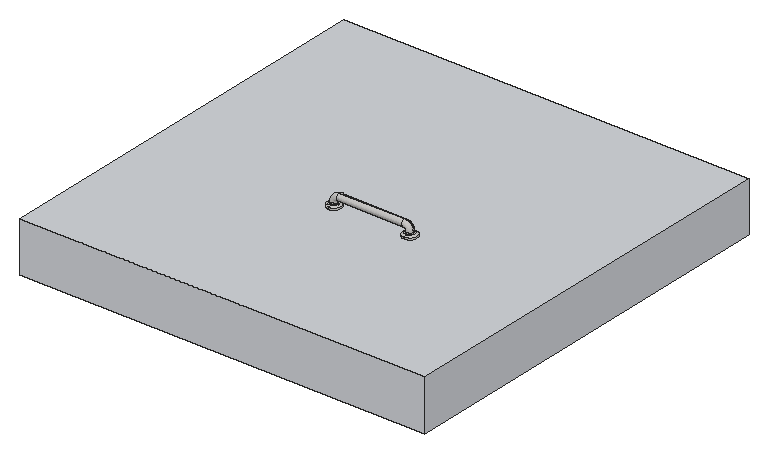
Revit family
Parameters (values of type "8120-001180")
  Warranty Information = "Complete unit, one (1) year"  # constant formula
  Version = "1.0"  # constant formula
  Technical Data = "http://www.bradleycorp.com/products/techdata/8810.pdf"
  Percentage of Recycled Content = 59.25
  Overall Length = Length + 0' 3 1/4"  # 1' - 9 1/4"
  Material and Finish = Bradley Corp Stainless Steel - Satin
  URL = "www.bradleycorp.com"
  Type Comments = "All grab bar configurations are specified using centerline to centerline\r\ndimensions."  # constant formula
  OmniClass Title = ""
  OmniClass Number = 0
  Modeling Code = ""
  Model = "8120-001180"
  Material Note = "FLANGES - 13 GA., ESCUTCHEONS - 22 GA., TUBING - 18 GA."  # constant formula
  MasterFormat Section Title = ""
  MasterFormat Section Number = 0
  Manufacturer = "Bradley Corporation"  # constant formula
  Length = 1' - 6"
  LEED Credit = ""
  Instructions [instance] = "This is a face mounted fixture."  # constant formula
  Industry Standards = "ANSI Standard A117.1, ADA, ABA, ADAAG, UFAS"  # constant formula
  Fire Rating = "None"  # constant formula
  Diameter = 0' - 1 1/2"  # constant formula
  Description = "Grab Bars"
  Default Elevation = 2' - 9"  # constant formula
  Copyright = "This Model Data is Property of Bradley Corporation"  # constant formula
  Complies to NAFTA = "Yes"  # constant formula
  Complies to Buy American Act = "Yes"  # constant formula
  Assembly Code = "C1030200"
  ADA Compliant = "Yes"  # constant formula
Types (11): name | Percentage of Recycled Content | Overall Length | Model | Length
  8122-001480 | 61.74 | 4' - 3 1/4" | "8122-001480" | 4' - 0"
  8122-001420 | 62.83 | 3' - 9 1/4" | "8122-001420" | 3' - 6"
  8122-001360 | 62.25 | 3' - 3 1/4" | "8122-001360" | 3' - 0"
  8122-001240 | 60.62 | 2' - 3 1/4" | "8122-001240" | 2' - 0"
  8122-001180 | 59.25 | 1' - 9 1/4" | "8122-001180" | 1' - 6"
  8120-001480 | 63.25 | 4' - 3 1/4" | "8120-001480" | 4' - 0"
  8120-001420 | 61.99 | 3' - 9 1/4" | "8120-001420" | 3' - 6"
  8120-001360 | 61.44 | 3' - 3 1/4" | "8120-001360" | 3' - 0"
  8120-001300 | 61.71 | 2' - 9 1/4" | "8120-001300" | 2' - 6"
  8120-001240 | 60.62 | 2' - 3 1/4" | "8120-001240" | 2' - 0"
  8120-001180 | 59.25 | 1' - 9 1/4" | "8120-001180" | 1' - 6"
Reference planes (in)
  plane 1 "Center (Front/Back)": y = -21.125
  plane 2: z = 0
  plane 3 "Center (Left/Right)": x = 2.1875
  plane 4: x = -6.8125
  plane 5: x = 11.1875
  plane 6: z = 3
  plane 7: y = -20.375
  plane 8: y = -21.875
  plane 9: x = -8.4375
  plane 10: x = 12.8125
Forms (in)
  Extrusion 1, solid
    sketch origin (-1.1875, -13.25, 0) x (1, 0, 0) y (0, 1, 0)
      loop
        line (-48, 48) -> (-48, -48) -> (48, -48) -> (48, 48) -> (-48, 48)
    from 0 to -12
Dimensions and locks (in)
  equal spacing: plane 4, plane 3 "Center (Left/Right)", plane 5
  locked: plane 6 to Extrusion 1 at 3
  "Length": plane 4 to plane 5
  equal spacing: plane 8, plane 1 "Center (Front/Back)", plane 7
  equal spacing: plane 9, plane 3 "Center (Left/Right)", plane 10
  "Overall Length": plane 9 to plane 10
  aligned and locked: plane 2 to Extrusion 1
  aligned and locked: plane 3 "Center (Left/Right)" to nested 1
  aligned and locked: level to Extrusion 1
  aligned and locked: Extrusion 1 to nested 1
Automatic sketch dimensions
  Extrusion 1 sketch curve to Extrusion 1 sketch curve = 8' - 0"  (x2)
Nested families (in)
  nested 1: "812-Model" at (-33.78125, -21.125, 1.2284) x (1, 0, 0) z (0, 1, 0), type "812"
    with Length 1' - 6", Diameter 0' - 1 1/2"
Definition of nested family "812-Model"
  Parameters (values of type "812")
    Partition Thickness = 0' - 4"
    Manufacturer = "Bradley Corporation"  # constant formula
    Length = 2' - 0"
    Diameter = 0' - 0"
    Default Elevation = 4' - 0"
    Color Selection = Bradley Corp Stainless Steel - Satin
    Assembly Code = ""
  Reference planes (in)
    plane 1 "Center (Front/Back)": y = 1.2284
    plane 2: z = 0
    plane 3 "Center (Left/Right)": x = 35.96875
    plane 4: z = 0
    plane 5: z = 0
    plane 6: x = 23.96875
    plane 7: x = 47.96875
    plane 8: y = -0.2716
    plane 9: y = -1.7716
  Forms (in)
    Sweep 1, solid, material "Bradley Corp Stainless Steel - Satin" <- "Color Selection"
      path origin (0, 0, 0) x (1, 0, 0) y (0, 1, 0)
        loop
          line (23.96875, 1.2284) -> (23.96875, 0.2284)
          arc (23.96875, 0.2284) -> (24.33487, -0.65548) -> (25.21875, -1.0216) r 1.25
          line (25.21875, -1.0216) -> (46.71875, -1.0216)
          arc (46.71875, -1.0216) -> (47.60263, -0.65548) -> (47.96875, 0.2284) r 1.25
          line (47.96875, 0.2284) -> (47.96875, 1.2284)
      profile origin (35.96875, -1.0216, 0) x (0, 1, 0) y (0, 0, 1)
        loop
          circle (0, 0) r 0.75
    Revolve 2, solid, material "Bradley Corp Stainless Steel - Satin" <- "Color Selection"
      sketch origin (23.96875, 19.09771, 48) x (0, 1, 0) y (0, 0, 1)
        loop
          line (-17.86931, -46.375) -> (-18.11931, -46.375) -> (-18.38873, -46.91385)
          arc (-18.38873, -46.91385) -> (-18.46755, -47.13132) -> (-18.49431, -47.36107) r 1
          line (-18.49431, -47.36107) -> (-18.49431, -48) -> (-17.86931, -48) -> (-17.86931, -46.375)
        axis (-18.49431, -48) -> (-17.86931, -48)
      angle from 0 to 360
    Revolve 3, solid, material "Bradley Corp Stainless Steel - Satin" <- "Color Selection"
      sketch origin (47.96875, 19.09771, 45.28125) x (0, 1, 0) y (0, 0, 1)
        loop
          line (-17.86931, -43.65625) -> (-18.11931, -43.65625) -> (-18.38873, -44.1951)
          arc (-18.38873, -44.1951) -> (-18.46755, -44.41257) -> (-18.49431, -44.64232) r 1
          line (-18.49431, -44.64232) -> (-18.49431, -45.28125) -> (-17.86931, -45.28125) -> (-17.86931, -43.65625)
        axis (-17.86931, -45.28125) -> (-18.49431, -45.28125)
      angle from 0 to 360
  Cuts and joins
    joined: Sweep 1, Revolve 2, Revolve 3
  Dimensions and locks (in)
    equal spacing: plane 4, level, plane 5
    "Diameter": plane 4 to plane 5
    equal spacing: plane 6, plane 3 "Center (Left/Right)", plane 7
    "Length": plane 6 to plane 7
    locked: plane 8 to plane 1 "Center (Front/Back)" at 1.5
    plane 8 to plane 9 = 0' - 1 1/2"
    cut or joined group of Sweep 1, Revolve 2, Revolve 3 to level to cut or joined group of Sweep 1, Revolve 2, Revolve 3 = 0' - 1 5/8", 0' - 1 5/8"
    aligned and locked: plane 7 to Sweep 1 sketch curve
  Automatic sketch dimensions
    Revolve 2 sketch curve to level = 0' - 0"  (x2)
    Revolve 2 sketch curve to plane 1 "Center (Front/Back)" = 0' - 0"
    Revolve 2 sketch curve to Revolve 2 sketch curve = 0' - 0 1/4"
    plane 1 "Center (Front/Back)" to Revolve 2 sketch curve = 0' - 0.51943"
    Revolve 2 sketch curve to Revolve 2 sketch curve = 0' - 0 5/8"
    plane 8 to Revolve 2 sketch curve = 0' - 0 1/4"
    Revolve 2 sketch curve to plane 1 "Center (Front/Back)" = 0' - 0 3/8"
    Revolve 2 sketch curve to plane 1 "Center (Front/Back)" = 0' - 0.67028"
    level to Revolve 2 sketch curve = 0' - 0.63893"
    Revolve 2 sketch curve to Revolve 2 sketch curve = 0' - 0.53885"
    Sweep 1 sketch curve to plane 6 = 0' - 0"
    Sweep 1 sketch curve to plane 1 "Center (Front/Back)" = 0' - 0"  (x2)
    plane 8 to Sweep 1 sketch curve = 0' - 0 1/2"
    Sweep 1 sketch curve to plane 7 = 0' - 1 1/4"
    Sweep 1 sketch curve to level = 0' - 0"
    Sweep 1 sketch curve to profile plane = 0' - 0"
    Sweep 1 sketch curve to plane 8 = 0' - 0 3/4"
    Revolve 3 sketch curve to level = 0' - 0"  (x2)
    Revolve 3 sketch curve to plane 1 "Center (Front/Back)" = 0' - 0"
    plane 1 "Center (Front/Back)" to Revolve 3 sketch curve = 0' - 0 1/4"
    plane 1 "Center (Front/Back)" to Revolve 3 sketch curve = 0' - 0.51943"
    Revolve 3 sketch curve to Revolve 3 sketch curve = 0' - 0.10557"
    Revolve 3 sketch curve to plane 8 = 0' - 0.21637"
    Revolve 3 sketch curve to plane 1 "Center (Front/Back)" = 0' - 0 3/8"
    level to Revolve 3 sketch curve = 0' - 0.63893"
    Revolve 3 sketch curve to Revolve 3 sketch curve = 0' - 0.53885"
    Revolve 3 sketch curve to Revolve 3 sketch curve = 0' - 0.76926"
    radius of Sweep 1 sketch curve = 0' - 0 3/4"
